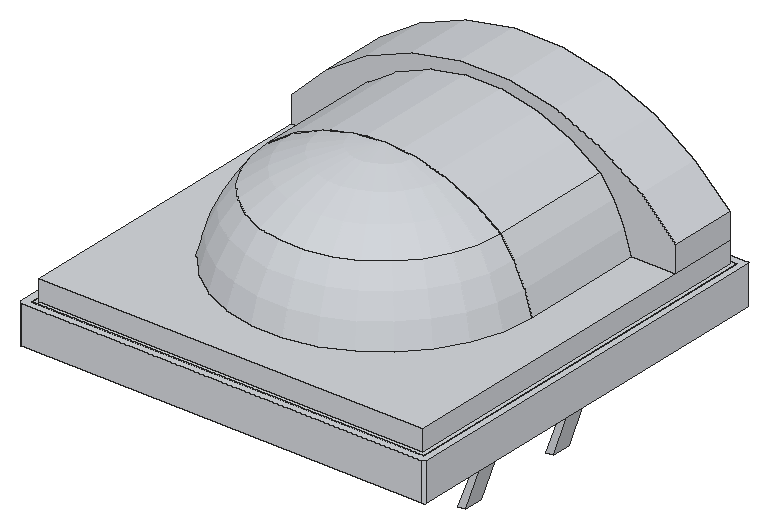
Revit family "Gira_537603", category Electrical Fixtures, host Face, Revit 2017
Family settings
  Host = Face
  Maintain Annotation Orientation = Yes
  Round Connector Dimension = Use Diameter
  Part Type = Normal
  Cut with Voids When Loaded = No
  Shared = No
  Room Calculation Point = No
Parameters (values of type "S3000 Beweg.m.aufs. 2,20 m Komfort BT System 55 Reinweiß")
  Werkstoffgüte = "sonstige"
  Werkstoff = "sonstige"
  Vernetzbar = "No"
  Unterkriechschutz/Rückfeldüberwachung = "No"
  URL = "http://katalog.gira.de/de_DE/datenblatt.html?artikelnr=537603"
  Treppenhausüberwachung = "Yes"
  Tierschneise = "No"
  Region = "DE"
  RAL-Nummer (ähnlich) = "9010 "
  Name = "S3000 Beweg.m.aufs. 2,20 m Komfort BT System 55 Reinweiß"
  Montagehöhe = "2,2 m"
  Montageart = "unter Putz"
  Min. Einschaltdauer = "10 s"
  Max. Reichweite zu einer Seite = "6 m"
  Max. Reichweite frontal = "12 m"
  Max. Einschaltdauer = "1800 s"
  Manufacturer URL = "https://www.gira.de/"
  Konstantlichtregelung = "No"
  Keynote = "Bewegungsmelder_2,20m"
  HeinzeBIM = "https://bimportal.heinze.de/bim/s3000-beweg-m-aufs-2-20-m-komfort-bt-system-55-reinweiss/60cd0a7a810f34bdc657bb7dee7b072b007635ba"
  Halogenfrei = "Yes"
  HLK-Ansteuerung = "No"
  HAN = "537603"
  Geeignet für drahtlose Übertragung = "No"
  Geeignet für Schutzart (IP) = "IP20"
  GTIN = "4010337050537"
  Farbe = "weiß"
  Erfassungswinkel horizontal = "1 - 180"
  Default Elevation = 1219.2 mm
  Data sheet (1) = "https://katalog.gira.de/de_DE/download.html?artikelnr=537603"
  Category = "Bewegungsmelder-Sensor"
  Available = "Yes"
  Ausführung = "Bewegungsmelder"
  Ansprechhelligkeit einstellbar = "No"
  Ansprechempfindlichkeit einstellbar = "Yes"
  Abdimmfunktion mit Dimmeinsatz = "Yes"
Reference planes
  plane 1 "Center (Front/Back)": y = 0
  plane 2: z = 0
  plane 3 "Center (Left/Right)": x = 0
Forms (mm)
  Extrusion 1, solid, detail levels fine
    sketch origin (0, 0, 0) x (1, 0, 0) y (0, 0, 1)
      loop
        line (-33.25, 14.602) -> (-33.25, 10.1) -> (33.25, 10.1) -> (33.25, 14.602)
        arc (33.25, 14.602) -> (0, 30.256) -> (-33.25, 14.602) r 43.139
    from -33.25 to -21.609
  Extrusion 2, solid, detail levels fine
    sketch origin (0, 0, 0) x (1, 0, 0) y (0, 1, 0)
      loop
        line (-33.25, 33.25) -> (-33.25, -33.25) -> (33.25, -33.25) -> (33.25, 33.25) -> (-33.25, 33.25)
    from 6.6 to 10.1
  Extrusion 3, solid, detail levels fine
    sketch origin (0, 0, 0) x (1, 0, 0) y (0, 0, 1)
      loop
        arc (20.138, 21.225) -> (0, 28.457) -> (-20.138, 21.225) r 31.652
        arc (-20.138, 21.225) -> (-23.48, 15.984) -> (-25.486, 10.1) r 26.053
        line (-25.486, 10.1) -> (25.486, 10.1)
        arc (25.486, 10.1) -> (23.48, 15.984) -> (20.138, 21.225) r 26.053
    from -21.609 to 0
  Revolve 4, solid, detail levels fine
    sketch origin (0, 0, 0) x (1, 0, 0) y (0, 0, 1)
      loop
        arc (0, 28.457) -> (-10.699, 26.594) -> (-20.138, 21.225) r 31.652
        arc (-20.138, 21.225) -> (-23.48, 15.984) -> (-25.486, 10.1) r 26.053
        line (-25.486, 10.1) -> (0, 10.1) -> (0, 28.457)
      axis (0, 28.457) -> (0, 10.1)
    angle from -180 to 0
  Extrusion 5, solid, detail levels fine
    sketch origin (0, 0, 0) x (1, 0, 0) y (0, 1, 0)
      loop
        spline (-34.7, 35.2) -> (-34.765, 35.196) -> (-34.829, 35.183) -> (-34.891, 35.162) -> (-34.95, 35.133) -> (-35.004, 35.097) -> (-35.054, 35.054) -> (-35.097, 35.004) -> (-35.133, 34.95) -> (-35.162, 34.891) -> (-35.183, 34.829) -> (-35.196, 34.765) -> (-35.2, 34.7)
        line (-35.2, 34.7) -> (-35.2, -34.7)
        spline (-35.2, -34.7) -> (-35.196, -34.765) -> (-35.183, -34.829) -> (-35.162, -34.891) -> (-35.133, -34.95) -> (-35.097, -35.004) -> (-35.054, -35.054) -> (-35.004, -35.097) -> (-34.95, -35.133) -> (-34.891, -35.162) -> (-34.829, -35.183) -> (-34.765, -35.196) -> (-34.7, -35.2)
        line (-34.7, -35.2) -> (34.7, -35.2)
        spline (34.7, -35.2) -> (34.765, -35.196) -> (34.829, -35.183) -> (34.891, -35.162) -> (34.95, -35.133) -> (35.004, -35.097) -> (35.054, -35.054) -> (35.097, -35.004) -> (35.133, -34.95) -> (35.162, -34.891) -> (35.183, -34.829) -> (35.196, -34.765) -> (35.2, -34.7)
        line (35.2, -34.7) -> (35.2, 34.7)
        spline (35.2, 34.7) -> (35.196, 34.765) -> (35.183, 34.829) -> (35.162, 34.891) -> (35.133, 34.95) -> (35.097, 35.004) -> (35.054, 35.054) -> (35.004, 35.097) -> (34.95, 35.133) -> (34.891, 35.162) -> (34.829, 35.183) -> (34.765, 35.196) -> (34.7, 35.2)
        line (34.7, 35.2) -> (-34.7, 35.2)
      loop
        line (-33.986, 33.986) -> (-33.986, -33.986) -> (33.986, -33.986) -> (33.986, 33.986) -> (-33.986, 33.986)
    from 0 to 6.6
  Extrusion 6, solid, detail levels fine
    sketch origin (0, 0, 0) x (1, 0, 0) y (0, 1, 0)
      loop
        line (-33.986, 33.986) -> (-33.986, -33.986) -> (33.986, -33.986) -> (33.986, 33.986) -> (-33.986, 33.986)
    from 5 to 6.6
  Extrusion 7, solid
    sketch origin (0, 0, 0) x (1, 0, 0) y (0, 1, 0)
      loop
        line (-23.656, 22.752) -> (-23.656, -22.748)
        arc (-23.656, -22.748) -> (-23.409, -23.369) -> (-22.801, -23.65) r 0.904
        line (-22.801, -23.65) -> (22.796, -23.65)
        arc (22.796, -23.65) -> (23.404, -23.369) -> (23.656, -22.748) r 0.904
        line (23.656, -22.748) -> (23.652, 22.752)
        arc (23.652, 22.752) -> (23.404, 23.374) -> (22.796, 23.655) r 0.904
        line (22.796, 23.655) -> (-22.801, 23.655)
        arc (-22.801, 23.655) -> (-23.409, 23.374) -> (-23.656, 22.752) r 0.904
    from -3.2 to 5
  Extrusion 8, solid, detail levels fine
    sketch origin (0, 0, 0) x (1, 0, 0) y (0, 1, 0)
      loop
        line (-27.334, -25) -> (-26.366, -25) -> (-26.366, 26.298) -> (26.366, 26.298) -> (26.366, -25) -> (27.334, -25) -> (27.334, 27.402) -> (-27.334, 27.402) -> (-27.334, -25)
    from -1.1 to 5
  Extrusion 9, solid, detail levels fine
    sketch origin (0, 0, 0) x (1, 0, 0) y (0, 1, 0)
      loop
        line (-5.141, 20.682) -> (-5.141, 15.098)
        spline (-5.141, 15.098) -> (-5.133, 14.968) -> (-5.107, 14.84) -> (-5.065, 14.716) -> (-5.007, 14.599) -> (-4.935, 14.49) -> (-4.849, 14.391) -> (-4.75, 14.305) -> (-4.641, 14.233) -> (-4.524, 14.175) -> (-4.4, 14.133) -> (-4.272, 14.107) -> (-4.142, 14.099)
        line (-4.142, 14.099) -> (4.142, 14.099)
        spline (4.142, 14.099) -> (4.272, 14.107) -> (4.4, 14.133) -> (4.524, 14.175) -> (4.641, 14.233) -> (4.75, 14.305) -> (4.849, 14.391) -> (4.935, 14.49) -> (5.007, 14.599) -> (5.065, 14.716) -> (5.107, 14.84) -> (5.133, 14.968) -> (5.141, 15.098)
        line (5.141, 15.098) -> (5.141, 20.682)
        spline (5.141, 20.682) -> (5.133, 20.812) -> (5.107, 20.94) -> (5.065, 21.064) -> (5.007, 21.181) -> (4.935, 21.29) -> (4.849, 21.389) -> (4.75, 21.475) -> (4.641, 21.547) -> (4.524, 21.605) -> (4.4, 21.647) -> (4.272, 21.673) -> (4.142, 21.681)
        line (4.142, 21.681) -> (-4.142, 21.681)
        spline (-4.142, 21.681) -> (-4.272, 21.673) -> (-4.4, 21.647) -> (-4.524, 21.605) -> (-4.641, 21.547) -> (-4.75, 21.475) -> (-4.849, 21.389) -> (-4.935, 21.29) -> (-5.007, 21.181) -> (-5.065, 21.064) -> (-5.107, 20.94) -> (-5.133, 20.812) -> (-5.141, 20.682)
    from -19.6 to -3.2
  Extrusion 10, solid, detail levels fine
    sketch origin (0, 0, 0) x (1, 0, 0) y (0, 0, 1)
      loop
        line (-24.966, -3.825) -> (-25.395, -8.726) -> (-23.048, -15.543) -> (-21.665, -15.713) -> (-24.338, -8.563) -> (-23.422, -1.1) -> (-25.014, -1.1) -> (-24.966, -3.825)
      loop
        line (24.966, -3.825) -> (25.014, -1.1) -> (23.422, -1.1) -> (24.338, -8.563) -> (21.665, -15.713) -> (23.048, -15.543) -> (25.395, -8.726) -> (24.966, -3.825)
    from -11.1 to -7.9
  Extrusion 11, solid, detail levels fine
    sketch origin (0, 0, 0) x (1, 0, 0) y (0, 0, -1)
      loop
        line (-24.966, 3.825) -> (-25.014, 1.1) -> (-23.422, 1.1) -> (-24.338, 8.563) -> (-21.665, 15.713) -> (-23.048, 15.543) -> (-25.395, 8.726) -> (-24.966, 3.825)
      loop
        line (24.966, 3.825) -> (25.395, 8.726) -> (23.048, 15.543) -> (21.665, 15.713) -> (24.338, 8.563) -> (23.422, 1.1) -> (25.014, 1.1) -> (24.966, 3.825)
    from -11.1 to -7.9
  Extrusion 12, solid
    sketch origin (0, 0, 0) x (1, 0, 0) y (0, 1, 0)
      loop
        line (-23.656, 22.752) -> (-23.656, -22.748)
        arc (-23.656, -22.748) -> (-23.409, -23.369) -> (-22.801, -23.65) r 0.904
        line (-22.801, -23.65) -> (22.796, -23.65)
        arc (22.796, -23.65) -> (23.404, -23.369) -> (23.656, -22.748) r 0.904
        line (23.656, -22.748) -> (23.652, 22.752)
        arc (23.652, 22.752) -> (23.404, 23.374) -> (22.796, 23.655) r 0.904
        line (22.796, 23.655) -> (-22.801, 23.655)
        arc (-22.801, 23.655) -> (-23.409, 23.374) -> (-23.656, 22.752) r 0.904
    from -3.2 to 5
  Extrusion 13, solid, detail levels medium
    sketch origin (0, 0, 0) x (1, 0, 0) y (0, 1, 0)
      loop
        line (-35.2, 35.2) -> (-35.2, -35.2) -> (35.2, -35.2) -> (35.2, 35.2) -> (-35.2, 35.2)
    from 0 to 6.6
  Extrusion 14, solid, detail levels medium
    sketch origin (0, 0, 0) x (1, 0, 0) y (0, 1, 0)
      loop
        line (-33.25, 33.25) -> (-33.25, -33.25) -> (33.25, -33.25) -> (33.25, 33.25) -> (-33.25, 33.25)
    from 6.6 to 30.256
  Extrusion 15, solid, detail levels medium
    sketch origin (0, 0, 0) x (1, 0, 0) y (0, 1, 0)
      loop
        line (-23.656, 23.655) -> (-23.656, -23.65) -> (23.656, -23.65) -> (23.656, 23.655) -> (-23.656, 23.655)
    from -3.2 to 5
  Extrusion 16, solid, detail levels medium
    sketch origin (0, 0, 0) x (1, 0, 0) y (0, 0, 1)
      loop
        line (-25.014, -1.1) -> (-25.014, -15.713) -> (-21.665, -15.713) -> (-21.665, -1.1) -> (-25.014, -1.1)
      loop
        line (25.014, -1.1) -> (21.665, -1.1) -> (21.665, -15.713) -> (25.014, -15.713) -> (25.014, -1.1)
    from -11.1 to -7.9
  Extrusion 17, solid, detail levels medium
    sketch origin (0, 0, 0) x (1, 0, 0) y (0, 0, -1)
      loop
        line (-25.014, 1.1) -> (-21.665, 1.1) -> (-21.665, 15.713) -> (-25.014, 15.713) -> (-25.014, 1.1)
      loop
        line (25.014, 1.1) -> (25.014, 15.713) -> (21.665, 15.713) -> (21.665, 1.1) -> (25.014, 1.1)
    from -11.1 to -7.9
  Extrusion 18, solid, detail levels medium
    sketch origin (0, 0, 0) x (1, 0, 0) y (0, 1, 0)
      loop
        line (-5.141, 14.099) -> (5.141, 14.099) -> (5.141, 21.681) -> (-5.141, 21.681) -> (-5.141, 14.099)
    from -19.6 to -3.2
  Extrusion 19, solid, detail levels coarse
    sketch origin (0, 0, 0) x (1, 0, 0) y (0, 1, 0)
      loop
        line (-35.2, 35.2) -> (-35.2, -35.2) -> (35.2, -35.2) -> (35.2, 35.2) -> (-35.2, 35.2)
    from -19.6 to 30.256
Dimensions and locks
  aligned and locked: plane 2 to host face
  aligned and locked: level to host face
  aligned and locked: nested 1 to plane 3 "Center (Left/Right)"
  aligned and locked: plane 1 "Center (Front/Back)" to nested 1
Nested families
  nested 1: "Belegungssensor - Bewegung - Aufputz - Beschriftung" at (0, 0, 0) x (0, -1, 0) z (0, 0, 1), type "Belegungssensor - Bewegung - Aufputz - Beschriftung"
Connectors
  electrical at (0, 0, -19.6)
    settings: on Extrusion 19, index 1, voltage 220 V, apparent load 0 VA, apparent load phase1 0 VA, apparent load phase2 0 VA, apparent load phase3 0 VA, power factor 1, load classification "Other", number of poles 1, system type 30, power factor state 1, is connector primary yes, connector utility no, sub classification motor no, connector description ""
Definition of nested family "Belegungssensor - Bewegung - Aufputz - Beschriftung"
  Reference planes
    plane 1: y = 0
    plane 2: x = 0
  Lines and regions (mm)
    Filled region 1, type "Gefüllter Bereich 1"
      outline origin (143.425, -20.712, 0) x (1, 0, 0) y (0, 1, 0)
        loop
          line (-148.697, 21.204) -> (-148.697, 20.409) -> (-147.583, 20.807) -> (-148.697, 21.204)
    Filled region 2, type "Gefüllter Bereich 1"
      outline origin (141.808, 30.001, 0) x (0.939693, 0.34202, 0) y (-0.34202, 0.939693, 0)
        loop
          line (-148.694, 21.203) -> (-148.694, 20.41) -> (-147.583, 20.807) -> (-148.694, 21.203)
    Filled region 3, type "Gefüllter Bereich 1"
      outline origin (141.819, -29.825, 0) x (-0.34202, -0.939693, 0) y (0.939693, -0.34202, 0)
        loop
          line (21.204, -148.697) -> (20.807, -147.583) -> (20.409, -148.697) -> (21.204, -148.697)
    detail lines
      curve 1: line (-1.207, 0.095, 0) -> (-3.486, 1.411, 0)
      curve 2: line (-1.207, 0.095, 0) -> (-3.486, -1.221, 0)
      curve 5: arc (-3.252, 1.752, 0) -> (-3.839, 0.095, 0) -> (-3.252, -1.562, 0) r 2.632
      curve 6: line (-6, 3, 0) -> (0, 3, 0)
      curve 7: line (-6, -3, 0) -> (-6, 3, 0)
      curve 8: line (0, -3, 0) -> (-6, -3, 0)
      curve 9: line (0, 3, 0) -> (0, -3, 0)
    reference lines
      curve 3: line (-1.207, 0.095, 0) -> (-3.616, 2.046, 0)
      curve 4: line (-1.207, 0.095, 0) -> (-3.616, -1.856, 0)
  Dimensions and locks
    curve 1 to curve 1 = 2.632 mm
    curve 2 to curve 2 = 2.632 mm
    curve 6 to curve 8 = 6 mm
    curve 7 to curve 9 = 6 mm
    angle curve 1 to curve 2 = 60.00°
    aligned and locked: curve 6 to curve 7
    aligned and locked: curve 9 to curve 9
